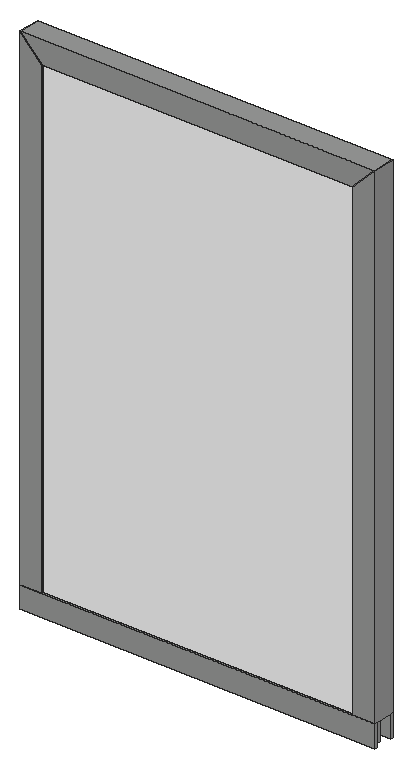
Revit family "Palmshield-Espalier-Single-Panel-Trellis-Panel", category Specialty Equipment, Revit 2025
Family settings
  Round Connector Dimension = Use Diameter
  Part Type = Normal
  OmniClass Number = 23.55.00.00
  OmniClass Title = Manufactured Structures
  Work Plane-Based = No
  Enable Cutting in Views = No
  Always vertical = No
  Cut with Voids When Loaded = No
  Maintain Annotation Orientation = No
  Shared = No
  Room Calculation Point = No
Parameters (values of type "Assembly")
  Width [instance] = if(Desired Overall Width < C Min Width, C Min Width, if(Desired Overall Width > C Max Width, C Max Width, Desired Overall Width))  # 4' - 0"
  Warranty URL = "https://palmshieldlouvers.com/wp-content/uploads/2020/01/PalmSHIELD-Warranty-NO-SIGN-LINE.pdf"
  Version = "2020 - v1.0a"  # constant formula
  URL = "https://palmshieldlouvers.com/"
  Product Page URL = "https://palmshieldlouvers.com/products/trellis-louvers/"
  Product Documentation Link = "https://palmshieldlouvers.com/wp-content/uploads/2022/03/PalmSHIELD-ESPALIER-trellis-panel-system-specifications-1.doc"
  Offset From Surface = 0' - 2"  # constant formula
  Model = "Espalier Trellis System - Single"  # constant formula
  Material = Metal - PalmSHIELD - Dusty Grey
  Manufacturer Phone Number = "531-329-4406 "  # constant formula
  Manufacturer Email = "mailto: info@palmshieldlouvers.com"
  Manufacturer Address = "12330 Cary Circle, La Vista, NE 68128"  # constant formula
  Manufacturer = "PalmSHIELD"  # constant formula
  Louver Finish = Metal - PalmSHIELD - Grey Beige
  Keynote = "05 10 00"
  Instruction Sheet Link = "https://palmshieldlouvers.com/wp-content/uploads/2020/01/PalmSHIELD-Post-Panel-Gate-Installation-Instructions-REV-1.pdf"
  ID [instance] = "Not Assigned"
  Height [instance] = if(Desired Overall Height < C Min Height, C Min Height, if(Desired Overall Height > C Max Height, C Max Height, Desired Overall Height))  # 6' - 0"
  Desired Overall Width [instance] = 4' - 0"
  Desired Overall Height [instance] = 6' - 0"
  Desired Bottom Angle [instance] = 0.00°
  Description = "Espalier Trellis System - Single - Panel Assembly"  # constant formula
  Default Elevation = 0' - 0"
  Copyright = "Copyright ©2024 The American Fence Company and PalmSHIELD. All Rights Reserved."  # constant formula
  Component Vis [instance] = yes
  Component Name [instance] = "Espalier Trellis System - Single - Panel Assembly"  # constant formula
  C Min Width [instance] = 4' - 0"  # constant formula
  C Min Height [instance] = C Min Width  # 4' - 0"
  C Max Width [instance] = 5' - 0"  # constant formula
  C Max Height [instance] = 10' - 0"  # constant formula
  C Angle [instance] = if(Desired Bottom Angle > 10.00°, 10.00°, if(Desired Bottom Angle < -10.00°, -10.00°, Desired Bottom Angle))  # 0.00°
  Assembly Code = "F1020100"
Reference planes (in)
  plane 1 "Center (Front/Back)": y = 0
  plane 2: z = 0
  plane 3 "Center (Left/Right)": x = 0
  plane 4: z = 72
  plane 5: x = 48
  plane 6: y = 3
  plane 7: y = 1.5
Lines and regions (in)
  reference lines
    curve 1: line (48, 0, 96.95698) -> (48, 0, -11)
    curve 2: line (-20.8931, 0, 72) -> (71.1069, 0, 72)
Dimensions and locks (in)
  "Desired Overall Height": curve 2 to level
  "Desired Overall Width": curve 1 to plane 3 "Center (Left/Right)"
  "Height": plane 4 to level
  "Width": plane 5 to plane 3 "Center (Left/Right)"
  equal spacing: plane 1 "Center (Front/Back)", plane 7, plane 6
  aligned and locked: plane 2 to level
Automatic sketch dimensions
  curve 2 to plane 3 "Center (Left/Right)" = 1' - 8.8931"
  plane 5 to curve 2 = 1' - 11.1069"
  curve 1 to level = 0' - 11"
  plane 4 to curve 1 = 2' - 0.95698"
Nested families (in)
  nested 1: "Screening-Louver-Assembly-Panel-Palmshield-Espalier_Trellis_System-Single" at (0, 0, 0), Desired Overall Height <- "Desired Overall Height", Desired Overall Width <- "Desired Overall Width", ID <- "ID", Height <- "Height", Width <- "Width", Component Vis <- "Component Vis", type "Assembly"
    with Width 4' - 0", Louver Length 3' - 8", ID "Not Assigned", Height 6' - 0", Desired Overall Width 4' - 0", Desired Overall Height 6' - 0", Desired Bottom Angle 0.00°, Component Vis yes, Component Name "Espalier Trellis System - Panel Assembly", C Top Post Length 4' - 0", C Straight Corner Angle 45.00°, C Slope Angle 0.00°, C Side Frame Width 0' - 3", C Side Adjustment 0' - 0", C Right Side Angle 0.00°, C Rib Thickness Bottom Offset 0' - 0 1/4", C Rib Bottom Side Offset 0' - 0", C Louver Offset 0' - 3", C Louver Count 28, C Left Side Angle 0.00°, C Hip 4' - 0", C Frame Offset 0' - 2", C Corner Offset 0' - 3", C B-Side Post Length 6' - 0", C B-Side Angle 45.00°, C Angle 90.00°, C A-Side Post Length 6' - 0", C A-Side Angle 45.00°
  nested 2: "Nested-L_Frame-Palmshield-Espalier_Trellis_System-Single" at (0, 0, 72) x (0, 1, 0) z (1, 0, 0), type "AL L3" X 3" X 1/4""
    with Material Metal - PalmSHIELD - Dusty Grey, Length 5' - 7", ID "Not Assigned", Component Name "Espalier Trellis System - Aluminum - L Frame", B-Side Cut Angle 45.00°, A-Side Cut Angle 0.00°
  nested 3: "Nested-L_Frame-Palmshield-Espalier_Trellis_System-Single" at (48, 0, 5) x (0, 1, 0) z (-1, 0, 0), type "AL L3" X 3" X 1/4""
    with Material Metal - PalmSHIELD - Dusty Grey, Length 5' - 7", ID "Not Assigned", Component Name "Espalier Trellis System - Aluminum - L Frame", B-Side Cut Angle 0.00°, A-Side Cut Angle 45.00°
  nested 4: "Nested-L_Frame-Palmshield-Espalier_Trellis_System-Single" at (48, 0, 72) x (0, 1, 0) z (0, 0, -1), type "AL L3" X 3" X 1/4""
    with Material Metal - PalmSHIELD - Dusty Grey, Length 4' - 0", ID "Not Assigned", Component Name "Espalier Trellis System - Aluminum - L Frame", B-Side Cut Angle 45.00°, A-Side Cut Angle 45.00°
  nested 5: "Nested-Box_Frame-Palmshield-Espalier_Trellis_System-Single" at (0, 0, 2) x (0, 1, 0) z (0, 0, 1), type "AL 1/4" X 3" FB"
    with Slope Angle 0.00°, Material Metal - PalmSHIELD - Dusty Grey, Length 4' - 0", ID "Not Assigned", Component Name "Espalier Trellis System - Aluminum - Box Frame", B-Side Cut Angle 0.00°, A-Side Cut Angle 0.00°
Definition of nested family "Screening-Louver-Assembly-Panel-Palmshield-Espalier_Trellis_System-Single"
  Parameters (values of type "Assembly")
    Width [instance] = if(Desired Overall Width < 4' 0", 4' 0", if(Desired Overall Width > 5' 0", 5' 0", Desired Overall Width))  # 4' - 0"
    Warranty URL = "https://palmshieldlouvers.com/wp-content/uploads/2020/01/PalmSHIELD-Warranty-NO-SIGN-LINE.pdf"
    Version = "2020 - v1.0a"  # constant formula
    URL = "https://palmshieldlouvers.com/"
    Panel Surface Finish = none
    Offset From Surface = 0' - 2"  # constant formula
    Material Note = "For More Panel Finish Options, Please Contact the Manufacturer"  # constant formula
    Material = none
    Louver Separation = 0' - 2 3/8"  # constant formula
    Product Page URL = "https://palmshieldlouvers.com/products/augustus-solid/"
    Product Documentation Link = "https://palmshieldlouvers.com/wp-content/uploads/2020/05/PalmSHIELD-Solid-Composite-Technical-Data-Sheet.pdf"
    Model = "Espalier Trellis System - Single"  # constant formula
    Manufacturer Phone Number = "531-329-4406 "  # constant formula
    Manufacturer Fax Number = "Consult Manufacturer Website for More Information"  # constant formula
    Manufacturer Email = "mailto: info@palmshieldlouvers.com"
    Manufacturer Address = "12330 Cary Circle, La Vista, NE 68128"  # constant formula
    Manufacturer = "PalmSHIELD"  # constant formula
    Louver Length [instance] = Width - 2 * C Side Frame Width + 0' 2"  # 3' - 8"
    Keynote = "05 10 00"
    Instruction Sheet Link = "https://palmshieldlouvers.com/wp-content/uploads/2020/01/PalmSHIELD-Post-Panel-Gate-Installation-Instructions-REV-1.pdf"
    ID [instance] = "Not Assigned"
    Height [instance] = if(Desired Overall Height < 3' 0", 3' 0", if(Desired Overall Height > 10' 0", 10' 0", Desired Overall Height))  # 6' - 7 3/16"
    Frame Width = 0' - 3"  # constant formula
    Frame Thickness = 0' - 0 1/4"  # constant formula
    Desired Overall Width [instance] = 4' - 0"
    Desired Overall Height [instance] = 6' - 7 3/16"
    Description = "Espalier Trellis System - Panel Assembly"  # constant formula
    Default Elevation = 0' - 0"
    Copyright = "Copyright ©2024 The American Fence Company and PalmSHIELD. All Rights Reserved."  # constant formula
    Component Vis [instance] = yes
    Component Name [instance] = "Espalier Trellis System - Panel Assembly"  # constant formula
    C Top Post Length [instance] = Width  # 4' - 0"
    C Straight Corner Angle [instance] = 45.00°  # constant formula
    C Slope Angle [instance] = if(Desired Bottom Angle < -25.00°, 25.00°, if(Desired Bottom Angle > 25.00°, 25.00°, Desired Bottom Angle))  # 0.00°
    C Side Frame Width [instance] = 0' - 3"  # constant formula
    C Right Side Angle [instance] = -C Slope Angle  # 0.00°
    C Rib Thickness Bottom Offset [instance] = Frame Thickness * cos(C Slope Angle)  # 0' - 0 1/4"
    C Rib Bottom Side Offset [instance] = if(C Slope Angle < 0.00°, -Frame Thickness * sin(C Slope Angle), Frame Thickness * sin(C Slope Angle))  # 0' - 0"
    C Louver Overlap = 0' - 0 5/8"  # constant formula
    C Louver Offset [instance] = if(C Side Adjustment < 0' 0", -C Side Adjustment + (Frame Width / sin([C A-Side Angle])) * cos([C A-Side Angle]), Frame Width)  # 0' - 3"
    C Louver Count [instance] = if(C Slope Angle < 0.00°, (Height - 2 * Frame Width + C Louver Overlap * 2) / Louver Separation, (Height - 2 * Frame Width + C Louver Overlap * 2 - C Hip * sin(C Slope Angle)) / Louver Separation)  # 31
    C Left Side Angle [instance] = C Slope Angle  # 0.00°
    C Hip [instance] = Width / cos(C Slope Angle)  # 4' - 0"
    C Side Adjustment [instance] = -C Hip * sin(C Slope Angle)  # 0' - 0"
    C Frame Offset [instance] = C Side Frame Width - 0' 1"  # 0' - 2"
    C Corner Offset [instance] = if(C Slope Angle > 0.00°, Frame Width / sin([C A-Side Angle]) * cos([C A-Side Angle]), if(C Slope Angle < 0.00°, Frame Width / sin([C A-Side Angle]) * cos([C A-Side Angle]), 0' 3"))  # 0' - 3"
    C B-Side Post Length [instance] = Height + C Side Adjustment  # 6' - 7 3/16"
    C B-Side Angle [instance] = (90.00° - C Slope Angle) / 2  # 45.00°
    C Angle [instance] = if(C Slope Angle < -25.00°, 90.00° - 25.00°, if(C Slope Angle > 25.00°, 90.00° + 25.00°, 90.00° - C Slope Angle))  # 90.00°
    Desired Bottom Angle [instance] = 0.00°
    C A-Side Post Length [instance] = Height  # 6' - 7 3/16"
    C A-Side Angle [instance] = (90.00° + C Slope Angle) / 2  # 45.00°
    Assembly Code = "F1020100"
  Reference planes (in)
    plane 1 "Center (Front/Back)": y = 0
    plane 2: z = 0
    plane 3 "Side A": x = 0
    plane 4 "Top": z = 79.1875
    plane 5 "Side B": x = 48
    plane 6: z = 2
    plane 7: x = 0.25
    plane 8: x = 47.75
    plane 9: z = 76.1875
    plane 10: z = 76.8125
    plane 11: y = 0.25
    plane 12: x = 16
    plane 13: x = 32
    plane 14: y = 1.125
    plane 15: z = 78.9375
    plane 16: z = 2
    plane 17: z = 2.25
    plane 18: x = 0
    plane 19: x = 14
    plane 20: x = 30
    plane 21: x = 2
    plane 22 "Front": y = 3
    plane 23: y = 1.5
    plane 24: x = 24
  Forms (in)
    Extrusion 1, solid
      sketch origin (0, 0, 0) x (1, 0, 0) y (0, 1, 0)
        loop
          line (-48, 48) -> (-48, -48) -> (48, -48) -> (48, 48) -> (-48, 48)
      from 0 to -12
  Lines and regions (in)
    reference lines
      curve 1: line (0, 0, 2) -> (84, 0, 2)
      curve 2: line (0, 0, 2.25) -> (81.25, 0, 2.25)
      curve 3: line (14, 0, 2.25) -> (24.75, 0, 2.25)
      curve 4: line (30, 0, 2.25) -> (48, 0, 2.25)
      curve 5: line (-32.05276, 0, 79.1875) -> (83.18293, 0, 79.1875)
      curve 6: line (48, 0, 102.88269) -> (48, 0, -5.94163)
      curve 7: line (0, 0, 5) -> (48, 0, 5)
      curve 8: line (0, 0, 5) -> (5.25, 0, 5)
      curve 9: line (48, 0, 5) -> (42.5, 0, 5)
  Dimensions and locks (in)
    "Width": plane 5 "Side B" to plane 3 "Side A"
    "Offset From Surface": plane 6 to Extrusion 1
    "Frame Thickness": plane 7 to plane 3 "Side A"
    "Frame Thickness": plane 5 "Side B" to plane 8
    "Frame Width": plane 4 "Top" to plane 9
    "C Louver Overlap": plane 10 to plane 9
    "Frame Thickness": plane 11 to plane 1 "Center (Front/Back)"
    equal spacing: plane 3 "Side A", plane 12, plane 13, plane 5 "Side B"
    "Frame Thickness": plane 4 "Top" to plane 15
    "C Rib Thickness Bottom Offset": plane 17 to plane 6
    "C Rib Bottom Side Offset": plane 3 "Side A" to plane 18
    locked: plane 12 to plane 19 at 2
    locked: plane 13 to plane 20 at 2
    "Desired Overall Width": curve 6 to plane 3 "Side A"
    "C Frame Offset": plane 21 to plane 3 "Side A"
    "Frame Width": plane 1 "Center (Front/Back)" to plane 22 "Front"
    equal spacing: plane 1 "Center (Front/Back)", plane 23, plane 22 "Front"
    equal spacing: plane 5 "Side B", plane 24, plane 3 "Side A"
    "C Side Frame Width": curve 1 to curve 7
    locked: curve 8 to plane 3 "Side A" at 5.25
    locked: plane 5 "Side B" to curve 9 at 5.5
    "Desired Overall Height": curve 5 to plane 2
    "Height": plane 4 "Top" to plane 2
    "C Angle": angle curve 1 to plane 3 "Side A"
    "C Angle": angle curve 2 to plane 18
    locked: curve 3 to plane 19 (angle 90.00°)
    locked: curve 4 to plane 20 (angle 90.00°)
    locked: curve 8 to plane 3 "Side A" (angle 90.00°)
    locked: plane 5 "Side B" to curve 9 (angle 90.00°)
    aligned and locked: plane 2 to Extrusion 1
    aligned and locked: level to Extrusion 1
    aligned and locked: plane 6 to curve 1
    aligned and locked: plane 3 "Side A" to curve 1
    aligned and locked: nested 1 to plane 1 "Center (Front/Back)"
    aligned and locked: nested 1 to plane 5 "Side B"
    aligned and locked: nested 1 to plane 3 "Side A"
    aligned and locked: nested 2 to plane 4 "Top"
    aligned and locked: nested 2 to plane 1 "Center (Front/Back)"
    aligned and locked: nested 3 to plane 1 "Center (Front/Back)"
    aligned and locked: nested 4 to plane 1 "Center (Front/Back)"
    aligned and locked: plane 18 to curve 2
    aligned and locked: plane 17 to curve 2
    aligned and locked: plane 19 to curve 3
    aligned and locked: plane 20 to curve 4
    aligned and locked: nested 5 to plane 7
    aligned and locked: plane 14 to nested 5
    aligned and locked: plane 4 "Top" to nested 3
    aligned and locked: plane 3 "Side A" to curve 7
    aligned and locked: plane 5 "Side B" to curve 7
    aligned and locked: plane 3 "Side A" to curve 8
    aligned and locked: plane 5 "Side B" to curve 9
    aligned and locked: curve 7 to curve 7
    aligned and locked: curve 7 to curve 9
    aligned and locked: nested 2 to curve 8
    aligned and locked: nested 3 to curve 9
  Automatic sketch dimensions
    Extrusion 1 sketch curve to Extrusion 1 sketch curve = 8' - 0"  (x2)
    curve 8 to curve 7 = 0' - 0"
    curve 5 to plane 3 "Side A" = 2' - 8.05276"
    plane 5 "Side B" to curve 5 = 2' - 11.18293"
    curve 6 to level = 0' - 5.94163"
    plane 4 "Top" to curve 6 = 1' - 11.69519"
  Nested families (in)
    nested 1: "Nested-L_Frame-Palmshield-Espalier_Trellis_System-Single" at (48, 0, 79.1875) x (0, 1, 0) z (0, 0, -1), ID <- "ID", Material <- "Material", A-Side Cut Angle <- "C Straight Corner Angle", B-Side Cut Angle <- "C Straight Corner Angle", visible <- "Component Vis", type "AL L3" X 3" X 1/4""
      with Material none, Length 4' - 0", ID "Not Assigned", Component Name "Espalier Trellis System - Aluminum - L Frame", B-Side Cut Angle 45.00°, A-Side Cut Angle 45.00°
    nested 2: "Nested-L_Frame-Palmshield-Espalier_Trellis_System-Single" at (0, 0, 79.1875) x (0, 1, 0) z (1, 0, 0), ID <- "ID", Material <- "Material", B-Side Cut Angle <- "C Straight Corner Angle", A-Side Cut Angle <- "C Left Side Angle", visible <- "Component Vis", type "AL L3" X 3" X 1/4""
      with Material none, Length 6' - 2 3/16", ID "Not Assigned", Component Name "Espalier Trellis System - Aluminum - L Frame", B-Side Cut Angle 45.00°, A-Side Cut Angle 0.00°
    nested 3: "Nested-L_Frame-Palmshield-Espalier_Trellis_System-Single" at (48, 0, 5) x (0, 1, 0) z (-1, 0, 0), ID <- "ID", Material <- "Material", B-Side Cut Angle <- "C Right Side Angle", A-Side Cut Angle <- "C Straight Corner Angle", visible <- "Component Vis", type "AL L3" X 3" X 1/4""
      with Material none, Length 6' - 2 3/16", ID "Not Assigned", Component Name "Espalier Trellis System - Aluminum - L Frame", B-Side Cut Angle 0.00°, A-Side Cut Angle 45.00°
    nested 4: "Nested-Box_Frame-Palmshield-Espalier_Trellis_System-Single" at (0, 0, 2) x (0, 1, 0) z (0, 0, 1), Length <- "C Hip", ID <- "ID", Material <- "Material", Slope Angle <- "C Slope Angle", visible <- "Component Vis", type "AL 1/4" X 3" FB"
      with Slope Angle 0.00°, Material none, Length 4' - 0", ID "Not Assigned", Component Name "Espalier Trellis System - Aluminum - Box Frame", B-Side Cut Angle 0.00°, A-Side Cut Angle 0.00°
    nested 5: "(Do_Not_Use-Nested)-Aluminum_Sheet-Palmshield-Espalier_Trellis_System-Single" at (0.25, 1.125, 2.25), Material <- "Material", Surface Finish <- "Panel Surface Finish", C Angle <- "C Angle", C Frame Thickness <- "Frame Thickness", C Overall Panel Height <- "Height", C Overall Panel Width <- "Width", type "Perforated Sheet"
      with Width 3' - 11 1/2", Surface Finish none, Material none, ID "", Height 6' - 4 11/16", Component Name "Square Wire Mesh - Perforated Sheet", C Overall Panel Width 4' - 0", C Overall Panel Height 6' - 7 3/16", C Frame Thickness 0' - 0 1/4", C Angle 90.00°
  Definition of nested family "Nested-L_Frame-Palmshield-Espalier_Trellis_System-Single"
    Parameters (values of type "AL L3" X 3" X 1/4"")
      Width = 0' - 3"  # constant formula
      Warranty URL = "https://palmshieldlouvers.com/wp-content/uploads/2020/01/PalmSHIELD-Warranty-NO-SIGN-LINE.pdf"
      Version = "2020 - v1.0a"  # constant formula
      URL = "https://palmshieldlouvers.com/"
      Thickness = 0' - 0 1/4"  # constant formula
      Product Page URL = "https://palmshieldlouvers.com/products/trellis-louvers/"
      Product Documentation Link = "Contact Manufacturer for More Information"
      Model = "Espalier Trellis System - Single"  # constant formula
      Material [instance] = none
      Manufacturer Phone Number = "531-329-4406 "  # constant formula
      Manufacturer Fax Number = "Consult Manufacturer Website for More Information"  # constant formula
      Manufacturer Email = "mailto: info@palmshieldlouvers.com"
      Manufacturer Address = "12330 Cary Circle, La Vista, NE 68128"  # constant formula
      Manufacturer = "PalmSHIELD"  # constant formula
      Length [instance] = 4' - 4.86713"
      Keynote = "05 10 00"
      Instruction Sheet Link = "https://palmshieldlouvers.com/wp-content/uploads/2020/01/PalmSHIELD-Post-Panel-Gate-Installation-Instructions-REV-1.pdf"
      ID [instance] = ""
      Description = "Espalier Trellis System - L Frame"  # constant formula
      Default Elevation = 4' - 0"
      Copyright = "Copyright ©2024 The American Fence Company and PalmSHIELD. All Rights Reserved."  # constant formula
      Component Name [instance] = "Espalier Trellis System - Aluminum - L Frame"  # constant formula
      C Hole Offset = 0' - 1 1/2"  # constant formula
      B-Side Cut Angle [instance] = 45.00°
      Assembly Code = "F1020100"
      A-Side Cut Angle [instance] = 45.00°
    Reference planes (in)
      plane 1 "Center (Front/Back)": y = 0
      plane 2: z = 0
      plane 3 "Center (Left/Right)": x = 0
      plane 4: x = 3
      plane 5: y = -52.86713
      plane 6: z = 3
      plane 7: y = 3.00184
      plane 8: y = -55.86897
    Forms (in)
      Extrusion 1, solid
        sketch origin (0, 0, 0) x (1, 0, 0) y (0, 1, 0)
          loop
            line (-48, 48) -> (-48, -48) -> (48, -48) -> (48, 48) -> (-48, 48)
        from 0 to -12
      Sweep 2, solid, material <- "Material"
        path origin (0, 0, 0) x (0, 1, 0) y (0, 0, 1)
          loop
            line (3.00184, 0) -> (-55.86897, 0)
        profile "Profile-Palmshield-L : AL L3" X 3" X 1/4" - 6061-T6" origin (0, -26.43357, 0) x (0, 0, -1) y (1, 0, 0)
          loop
            line (-0.3125, 0.25) -> (-2.875, 0.25)
            arc (-2.875, 0.25) -> (-2.96339, 0.21339) -> (-3, 0.125) r 0.125
            line (-3, 0.125) -> (-3, 0) -> (0, 0) -> (0, 3) -> (-0.125, 3)
            arc (-0.125, 3) -> (-0.21339, 2.96339) -> (-0.25, 2.875) r 0.125
            line (-0.25, 2.875) -> (-0.25, 0.3125)
            arc (-0.25, 0.3125) -> (-0.26831, 0.26831) -> (-0.3125, 0.25) r 0.0625
      Extrusion 3, void
        sketch origin (0, 0, 0) x (0, 1, 0) y (0, 0, 1)
          loop
            line (-3, 3) -> (0, 0) -> (4.7449, 0) -> (4.7449, 3) -> (-3, 3)
          loop
            line (-57.61203, 3) -> (-57.61203, 0) -> (-52.86713, 0) -> (-49.86713, 3) -> (-57.61203, 3)
        from 0 to 3
    Cuts and joins
      Extrusion 3 cuts Sweep 2
    Dimensions and locks (in)
      "Width": plane 3 "Center (Left/Right)" to plane 4
      "Length": plane 1 "Center (Front/Back)" to plane 5
      "Width": plane 6 to plane 2
      locked: Extrusion 3 sketch curve to plane 1 "Center (Front/Back)" at 4.7449
      locked: plane 5 to Extrusion 3 sketch curve at 4.7449
      locked: plane 7 to plane 1 "Center (Front/Back)" at 3.00184
      locked: plane 5 to plane 8 at 3.00184
      "B-Side Cut Angle": angle Extrusion 3 sketch curve to plane 1 "Center (Front/Back)"
      "A-Side Cut Angle": angle plane 5 to Extrusion 3 sketch curve
      aligned and locked: plane 2 to Extrusion 1
      aligned and locked: level to Extrusion 1
      aligned and locked: Extrusion 3 sketch curve to plane 6
      aligned and locked: level to Extrusion 3 sketch curve
      aligned and locked: plane 6 to Extrusion 3 sketch curve
      aligned and locked: Extrusion 3 sketch curve to plane 2
      aligned and locked: plane 1 "Center (Front/Back)" to Extrusion 3 sketch curve
      aligned and locked: plane 2 to Extrusion 3 sketch curve
      aligned and locked: plane 5 to Extrusion 3 sketch curve
      aligned and locked: Extrusion 3 to plane 3 "Center (Left/Right)"
      aligned and locked: Extrusion 3 to plane 4
      aligned and locked: plane 7 to Sweep 2 sketch curve
      aligned and locked: plane 8 to Sweep 2 sketch curve
    Automatic sketch dimensions
      Extrusion 1 sketch curve to Extrusion 1 sketch curve = 8' - 0"  (x2)
      Sweep 2 sketch curve to level = 0' - 0"
  Definition of nested family "Nested-Box_Frame-Palmshield-Espalier_Trellis_System-Single"
    Parameters (values of type "AL 1/4" X 3" FB")
      Width = 0' - 3"  # constant formula
      Warranty URL = "https://palmshieldlouvers.com/wp-content/uploads/2020/01/PalmSHIELD-Warranty-NO-SIGN-LINE.pdf"
      Version = "2020 - v1.0a"  # constant formula
      URL = "https://palmshieldlouvers.com/"
      Thickness = 0' - 0 1/4"  # constant formula
      Slope Angle [instance] = -5.00°
      Product Page URL = "https://palmshieldlouvers.com/products/square-wire-mesh/"
      Product Documentation Link = "https://palmshieldlouvers.com/wp-content/uploads/2020/04/PalmSHIELD-Wire-Mesh-Technical-Data-Sheet.pdf"
      Model = "Espalier Trellis System - Single"  # constant formula
      Material [instance] = none
      Manufacturer Phone Number = "531-329-4406 "  # constant formula
      Manufacturer Fax Number = "Consult Manufacturer Website for More Information"  # constant formula
      Manufacturer Email = "mailto: info@palmshieldlouvers.com"
      Manufacturer Address = "12330 Cary Circle, La Vista, NE 68128"  # constant formula
      Manufacturer = "PalmSHIELD"  # constant formula
      Length [instance] = 4' - 4.86713"
      Keynote = "05 10 00"
      Instruction Sheet Link = "https://palmshieldlouvers.com/wp-content/uploads/2020/01/PalmSHIELD-Post-Panel-Gate-Installation-Instructions-REV-1.pdf"
      ID [instance] = ""
      Description = "Espalier Trellis System - Box Frame"  # constant formula
      Default Elevation = 4' - 0"
      Copyright = "Copyright ©2024 The American Fence Company and PalmSHIELD. All Rights Reserved."  # constant formula
      Component Name [instance] = "Espalier Trellis System - Aluminum - Box Frame"  # constant formula
      C Hole Offset = 0' - 1 1/2"  # constant formula
      B-Side Cut Angle [instance] = Slope Angle  # -5.00°
      Assembly Code = "F1020100"
      A-Side Cut Angle [instance] = -Slope Angle  # 5.00°
    Reference planes (in)
      plane 1 "Center (Front/Back)": y = 0
      plane 2: z = 0
      plane 3 "Center (Left/Right)": x = 0
      plane 4: x = 3
      plane 5: y = -52.86713
      plane 6: z = 3
      plane 7: y = 3.00184
      plane 8: y = -55.86897
    Forms (in)
      Extrusion 1, solid
        sketch origin (0, 0, 0) x (1, 0, 0) y (0, 1, 0)
          loop
            line (-48, 48) -> (-48, -48) -> (48, -48) -> (48, 48) -> (-48, 48)
        from 0 to -12
      Sweep 2, solid, material <- "Material"
        path origin (0, 0, 0) x (0, 1, 0) y (0, 0, 1)
          loop
            line (3.00184, 0) -> (-55.86897, 0)
        profile "Profile-Palmshield-Box : AL 1/4" X 3" FB" origin (0, -26.43357, 0) x (0, 0, -1) y (1, 0, 0)
          loop
            line (0, 2.75) -> (0, 3) -> (-3, 3) -> (-3, 2.875)
            arc (-3, 2.875) -> (-2.96339, 2.78661) -> (-2.875, 2.75) r 0.125
            line (-2.875, 2.75) -> (0, 2.75)
          loop
            line (0, 0.25) -> (-2.875, 0.25)
            arc (-2.875, 0.25) -> (-2.96339, 0.21339) -> (-3, 0.125) r 0.125
            line (-3, 0.125) -> (-3, 0) -> (0, 0) -> (0, 0.25)
      Extrusion 3, void
        sketch origin (0, 0, 0) x (0, 1, 0) y (0, 0, 1)
          loop
            line (0.26247, 3) -> (0, 0) -> (4.7449, 0) -> (4.7449, 3) -> (0.26247, 3)
          loop
            line (-57.61203, 3) -> (-57.61203, 0) -> (-52.86713, 0) -> (-52.60466, 3) -> (-57.61203, 3)
        from 0 to 3
    Cuts and joins
      Extrusion 3 cuts Sweep 2
    Dimensions and locks (in)
      "Width": plane 3 "Center (Left/Right)" to plane 4
      "Length": plane 1 "Center (Front/Back)" to plane 5
      "Width": plane 6 to plane 2
      locked: Extrusion 3 sketch curve to plane 1 "Center (Front/Back)" at 4.7449
      locked: plane 5 to Extrusion 3 sketch curve at 4.7449
      locked: plane 7 to plane 1 "Center (Front/Back)" at 3.00184
      locked: plane 5 to plane 8 at 3.00184
      "B-Side Cut Angle": angle Extrusion 3 sketch curve to plane 1 "Center (Front/Back)"
      "A-Side Cut Angle": angle plane 5 to Extrusion 3 sketch curve
      aligned and locked: plane 2 to Extrusion 1
      aligned and locked: level to Extrusion 1
      aligned and locked: Extrusion 3 sketch curve to plane 6
      aligned and locked: level to Extrusion 3 sketch curve
      aligned and locked: plane 6 to Extrusion 3 sketch curve
      aligned and locked: Extrusion 3 sketch curve to plane 2
      aligned and locked: plane 1 "Center (Front/Back)" to Extrusion 3 sketch curve
      aligned and locked: plane 2 to Extrusion 3 sketch curve
      aligned and locked: plane 5 to Extrusion 3 sketch curve
      aligned and locked: Extrusion 3 to plane 3 "Center (Left/Right)"
      aligned and locked: Extrusion 3 to plane 4
      aligned and locked: plane 7 to Sweep 2 sketch curve
      aligned and locked: plane 8 to Sweep 2 sketch curve
    Automatic sketch dimensions
      Extrusion 1 sketch curve to Extrusion 1 sketch curve = 8' - 0"  (x2)
      Sweep 2 sketch curve to level = 0' - 0"
  Definition of nested family "(Do_Not_Use-Nested)-Aluminum_Sheet-Palmshield-Espalier_Trellis_System-Single"
    Parameters (values of type "Perforated Sheet")
      Width [instance] = C Overall Panel Width - 2 * C Frame Thickness  # 5' - 10.36614"
      Warranty URL = "https://palmshieldlouvers.com/wp-content/uploads/2020/01/PalmSHIELD-Warranty-NO-SIGN-LINE.pdf"
      Version = "2020 - v1.0a"  # constant formula
      URL = "https://palmshieldlouvers.com/"
      Thickness = 0' - 0 1/4"  # constant formula
      Surface Finish [instance] = none
      Product Page URL = "https://palmshieldlouvers.com/products/square-wire-mesh/"
      Product Documentation Link = "https://palmshieldlouvers.com/wp-content/uploads/2020/04/PalmSHIELD-Wire-Mesh-Technical-Data-Sheet.pdf"
      Model = "Square Wire Mesh - Dante"  # constant formula
      Material [instance] = none
      Manufacturer Phone Number = "531-329-4406 "  # constant formula
      Manufacturer Fax Number = "Consult Manufacturer Website for More Information"  # constant formula
      Manufacturer Email = "mailto: info@palmshieldlouvers.com"
      Manufacturer Address = "12330 Cary Circle, La Vista, NE 68128"  # constant formula
      Manufacturer = "PalmSHIELD"  # constant formula
      Keynote = "05 10 00"
      Instruction Sheet Link = "https://palmshieldlouvers.com/wp-content/uploads/2020/01/PalmSHIELD-Post-Panel-Gate-Installation-Instructions-REV-1.pdf"
      ID [instance] = ""
      Height [instance] = C Overall Panel Height - 2 * C Frame Thickness - 0' 2"  # 7' - 11.9252"
      Description = "Square Wire Mesh - Perforated Sheet"  # constant formula
      Default Elevation = 4' - 0"
      Copyright = "Copyright ©2024 The American Fence Company and PalmSHIELD. All Rights Reserved."  # constant formula
      Component Name [instance] = "Square Wire Mesh - Perforated Sheet"  # constant formula
      C Overall Panel Width [instance] = 5' - 10.86614"
      C Overall Panel Height [instance] = 8' - 2.4252"
      C Frame Thickness [instance] = 0' - 0 1/4"
      C Angle [instance] = 90.00°
      Assembly Code = "F1020100"
    Reference planes (in)
      plane 1 "Center (Front/Back)": y = 0
      plane 2: z = 0
      plane 3 "Center (Left/Right)": x = 0
      plane 4: y = -0.25
    Forms (in)
      Extrusion 1, solid
        sketch origin (0, 0, 0) x (1, 0, 0) y (0, 1, 0)
          loop
            line (-48, 48) -> (-48, -48) -> (48, -48) -> (48, 48) -> (-48, 48)
        from 0 to -12
      Extrusion 2, solid, material <- "Material"
        sketch origin (0, 0, 0) x (1, 0, 0) y (0, 0, 1)
          loop
            line (0, 95.9252) -> (0, 0) -> (70.36614, 0) -> (70.36614, 95.9252) -> (0, 95.9252)
        from 0 to 0.25
    Lines and regions (in)
      reference lines
        curve 1: line (0, 0, 0) -> (88, 0, 0)
        curve 2: line (-16.33605, 0, 95.9252) -> (99.74392, 0, 95.9252)
        curve 3: line (70.36614, 0, 127.09401) -> (70.36614, 0, -21.10383)
    Dimensions and locks (in)
      "Thickness": plane 4 to plane 1 "Center (Front/Back)"
      "Width": curve 3 to plane 3 "Center (Left/Right)"
      "Height": curve 2 to plane 2
      "C Angle": angle curve 1 to plane 3 "Center (Left/Right)"
      aligned and locked: plane 2 to Extrusion 1
      aligned and locked: level to Extrusion 1
      aligned and locked: plane 3 "Center (Left/Right)" to curve 1
      aligned and locked: plane 2 to curve 1
      aligned and locked: Extrusion 2 sketch curve to plane 3 "Center (Left/Right)"
      aligned and locked: Extrusion 2 to plane 4
      aligned and locked: Extrusion 2 to plane 1 "Center (Front/Back)"
      aligned and locked: curve 2 to Extrusion 2 sketch curve
      aligned and locked: curve 3 to Extrusion 2 sketch curve
      aligned and locked: Extrusion 2 sketch curve to curve 1
    Automatic sketch dimensions
      Extrusion 1 sketch curve to Extrusion 1 sketch curve = 8' - 0"  (x2)
      curve 2 to plane 3 "Center (Left/Right)" = 1' - 4.33605"
      curve 3 to curve 2 = 2' - 5.37778"
      curve 3 to level = 1' - 9.10383"
      curve 2 to curve 3 = 2' - 7.16882"
Definition of nested family "Nested-L_Frame-Palmshield-Espalier_Trellis_System-Single"
  Parameters (values of type "AL L3" X 3" X 1/4"")
    Width = 0' - 3"  # constant formula
    Warranty URL = "https://palmshieldlouvers.com/wp-content/uploads/2020/01/PalmSHIELD-Warranty-NO-SIGN-LINE.pdf"
    Version = "2020 - v1.0a"  # constant formula
    URL = "https://palmshieldlouvers.com/"
    Thickness = 0' - 0 1/4"  # constant formula
    Product Page URL = "https://palmshieldlouvers.com/products/trellis-louvers/"
    Product Documentation Link = "Contact Manufacturer for More Information"
    Model = "Espalier Trellis System - Single"  # constant formula
    Material [instance] = none
    Manufacturer Phone Number = "531-329-4406 "  # constant formula
    Manufacturer Fax Number = "Consult Manufacturer Website for More Information"  # constant formula
    Manufacturer Email = "mailto: info@palmshieldlouvers.com"
    Manufacturer Address = "12330 Cary Circle, La Vista, NE 68128"  # constant formula
    Manufacturer = "PalmSHIELD"  # constant formula
    Length [instance] = 4' - 4.86713"
    Keynote = "05 10 00"
    Instruction Sheet Link = "https://palmshieldlouvers.com/wp-content/uploads/2020/01/PalmSHIELD-Post-Panel-Gate-Installation-Instructions-REV-1.pdf"
    ID [instance] = ""
    Description = "Espalier Trellis System - L Frame"  # constant formula
    Default Elevation = 4' - 0"
    Copyright = "Copyright ©2024 The American Fence Company and PalmSHIELD. All Rights Reserved."  # constant formula
    Component Name [instance] = "Espalier Trellis System - Aluminum - L Frame"  # constant formula
    C Hole Offset = 0' - 1 1/2"  # constant formula
    B-Side Cut Angle [instance] = 45.00°
    Assembly Code = "F1020100"
    A-Side Cut Angle [instance] = 45.00°
  Reference planes (in)
    plane 1 "Center (Front/Back)": y = 0
    plane 2: z = 0
    plane 3 "Center (Left/Right)": x = 0
    plane 4: x = 3
    plane 5: y = -52.86713
    plane 6: z = 3
    plane 7: y = 3.00184
    plane 8: y = -55.86897
  Forms (in)
    Extrusion 1, solid
      sketch origin (0, 0, 0) x (1, 0, 0) y (0, 1, 0)
        loop
          line (-48, 48) -> (-48, -48) -> (48, -48) -> (48, 48) -> (-48, 48)
      from 0 to -12
    Sweep 2, solid, material <- "Material"
      path origin (0, 0, 0) x (0, 1, 0) y (0, 0, 1)
        loop
          line (3.00184, 0) -> (-55.86897, 0)
      profile "Profile-Palmshield-L : AL L3" X 3" X 1/4" - 6061-T6" origin (0, -26.43357, 0) x (0, 0, -1) y (1, 0, 0)
        loop
          line (-0.3125, 0.25) -> (-2.875, 0.25)
          arc (-2.875, 0.25) -> (-2.96339, 0.21339) -> (-3, 0.125) r 0.125
          line (-3, 0.125) -> (-3, 0) -> (0, 0) -> (0, 3) -> (-0.125, 3)
          arc (-0.125, 3) -> (-0.21339, 2.96339) -> (-0.25, 2.875) r 0.125
          line (-0.25, 2.875) -> (-0.25, 0.3125)
          arc (-0.25, 0.3125) -> (-0.26831, 0.26831) -> (-0.3125, 0.25) r 0.0625
    Extrusion 3, void
      sketch origin (0, 0, 0) x (0, 1, 0) y (0, 0, 1)
        loop
          line (-3, 3) -> (0, 0) -> (4.7449, 0) -> (4.7449, 3) -> (-3, 3)
        loop
          line (-57.61203, 3) -> (-57.61203, 0) -> (-52.86713, 0) -> (-49.86713, 3) -> (-57.61203, 3)
      from 0 to 3
  Cuts and joins
    Extrusion 3 cuts Sweep 2
  Dimensions and locks (in)
    "Width": plane 3 "Center (Left/Right)" to plane 4
    "Length": plane 1 "Center (Front/Back)" to plane 5
    "Width": plane 6 to plane 2
    locked: Extrusion 3 sketch curve to plane 1 "Center (Front/Back)" at 4.7449
    locked: plane 5 to Extrusion 3 sketch curve at 4.7449
    locked: plane 7 to plane 1 "Center (Front/Back)" at 3.00184
    locked: plane 5 to plane 8 at 3.00184
    "B-Side Cut Angle": angle Extrusion 3 sketch curve to plane 1 "Center (Front/Back)"
    "A-Side Cut Angle": angle plane 5 to Extrusion 3 sketch curve
    aligned and locked: plane 2 to Extrusion 1
    aligned and locked: level to Extrusion 1
    aligned and locked: Extrusion 3 sketch curve to plane 6
    aligned and locked: level to Extrusion 3 sketch curve
    aligned and locked: plane 6 to Extrusion 3 sketch curve
    aligned and locked: Extrusion 3 sketch curve to plane 2
    aligned and locked: plane 1 "Center (Front/Back)" to Extrusion 3 sketch curve
    aligned and locked: plane 2 to Extrusion 3 sketch curve
    aligned and locked: plane 5 to Extrusion 3 sketch curve
    aligned and locked: Extrusion 3 to plane 3 "Center (Left/Right)"
    aligned and locked: Extrusion 3 to plane 4
    aligned and locked: plane 7 to Sweep 2 sketch curve
    aligned and locked: plane 8 to Sweep 2 sketch curve
  Automatic sketch dimensions
    Extrusion 1 sketch curve to Extrusion 1 sketch curve = 8' - 0"  (x2)
    Sweep 2 sketch curve to level = 0' - 0"
Definition of nested family "Nested-Box_Frame-Palmshield-Espalier_Trellis_System-Single"
  Parameters (values of type "AL 1/4" X 3" FB")
    Width = 0' - 3"  # constant formula
    Warranty URL = "https://palmshieldlouvers.com/wp-content/uploads/2020/01/PalmSHIELD-Warranty-NO-SIGN-LINE.pdf"
    Version = "2020 - v1.0a"  # constant formula
    URL = "https://palmshieldlouvers.com/"
    Thickness = 0' - 0 1/4"  # constant formula
    Slope Angle [instance] = -5.00°
    Product Page URL = "https://palmshieldlouvers.com/products/square-wire-mesh/"
    Product Documentation Link = "https://palmshieldlouvers.com/wp-content/uploads/2020/04/PalmSHIELD-Wire-Mesh-Technical-Data-Sheet.pdf"
    Model = "Espalier Trellis System - Single"  # constant formula
    Material [instance] = none
    Manufacturer Phone Number = "531-329-4406 "  # constant formula
    Manufacturer Fax Number = "Consult Manufacturer Website for More Information"  # constant formula
    Manufacturer Email = "mailto: info@palmshieldlouvers.com"
    Manufacturer Address = "12330 Cary Circle, La Vista, NE 68128"  # constant formula
    Manufacturer = "PalmSHIELD"  # constant formula
    Length [instance] = 4' - 4.86713"
    Keynote = "05 10 00"
    Instruction Sheet Link = "https://palmshieldlouvers.com/wp-content/uploads/2020/01/PalmSHIELD-Post-Panel-Gate-Installation-Instructions-REV-1.pdf"
    ID [instance] = ""
    Description = "Espalier Trellis System - Box Frame"  # constant formula
    Default Elevation = 4' - 0"
    Copyright = "Copyright ©2024 The American Fence Company and PalmSHIELD. All Rights Reserved."  # constant formula
    Component Name [instance] = "Espalier Trellis System - Aluminum - Box Frame"  # constant formula
    C Hole Offset = 0' - 1 1/2"  # constant formula
    B-Side Cut Angle [instance] = Slope Angle  # -5.00°
    Assembly Code = "F1020100"
    A-Side Cut Angle [instance] = -Slope Angle  # 5.00°
  Reference planes (in)
    plane 1 "Center (Front/Back)": y = 0
    plane 2: z = 0
    plane 3 "Center (Left/Right)": x = 0
    plane 4: x = 3
    plane 5: y = -52.86713
    plane 6: z = 3
    plane 7: y = 3.00184
    plane 8: y = -55.86897
  Forms (in)
    Extrusion 1, solid
      sketch origin (0, 0, 0) x (1, 0, 0) y (0, 1, 0)
        loop
          line (-48, 48) -> (-48, -48) -> (48, -48) -> (48, 48) -> (-48, 48)
      from 0 to -12
    Sweep 2, solid, material <- "Material"
      path origin (0, 0, 0) x (0, 1, 0) y (0, 0, 1)
        loop
          line (3.00184, 0) -> (-55.86897, 0)
      profile "Profile-Palmshield-Box : AL 1/4" X 3" FB" origin (0, -26.43357, 0) x (0, 0, -1) y (1, 0, 0)
        loop
          line (0, 2.75) -> (0, 3) -> (-3, 3) -> (-3, 2.875)
          arc (-3, 2.875) -> (-2.96339, 2.78661) -> (-2.875, 2.75) r 0.125
          line (-2.875, 2.75) -> (0, 2.75)
        loop
          line (0, 0.25) -> (-2.875, 0.25)
          arc (-2.875, 0.25) -> (-2.96339, 0.21339) -> (-3, 0.125) r 0.125
          line (-3, 0.125) -> (-3, 0) -> (0, 0) -> (0, 0.25)
    Extrusion 3, void
      sketch origin (0, 0, 0) x (0, 1, 0) y (0, 0, 1)
        loop
          line (0.26247, 3) -> (0, 0) -> (4.7449, 0) -> (4.7449, 3) -> (0.26247, 3)
        loop
          line (-57.61203, 3) -> (-57.61203, 0) -> (-52.86713, 0) -> (-52.60466, 3) -> (-57.61203, 3)
      from 0 to 3
  Cuts and joins
    Extrusion 3 cuts Sweep 2
  Dimensions and locks (in)
    "Width": plane 3 "Center (Left/Right)" to plane 4
    "Length": plane 1 "Center (Front/Back)" to plane 5
    "Width": plane 6 to plane 2
    locked: Extrusion 3 sketch curve to plane 1 "Center (Front/Back)" at 4.7449
    locked: plane 5 to Extrusion 3 sketch curve at 4.7449
    locked: plane 7 to plane 1 "Center (Front/Back)" at 3.00184
    locked: plane 5 to plane 8 at 3.00184
    "B-Side Cut Angle": angle Extrusion 3 sketch curve to plane 1 "Center (Front/Back)"
    "A-Side Cut Angle": angle plane 5 to Extrusion 3 sketch curve
    aligned and locked: plane 2 to Extrusion 1
    aligned and locked: level to Extrusion 1
    aligned and locked: Extrusion 3 sketch curve to plane 6
    aligned and locked: level to Extrusion 3 sketch curve
    aligned and locked: plane 6 to Extrusion 3 sketch curve
    aligned and locked: Extrusion 3 sketch curve to plane 2
    aligned and locked: plane 1 "Center (Front/Back)" to Extrusion 3 sketch curve
    aligned and locked: plane 2 to Extrusion 3 sketch curve
    aligned and locked: plane 5 to Extrusion 3 sketch curve
    aligned and locked: Extrusion 3 to plane 3 "Center (Left/Right)"
    aligned and locked: Extrusion 3 to plane 4
    aligned and locked: plane 7 to Sweep 2 sketch curve
    aligned and locked: plane 8 to Sweep 2 sketch curve
  Automatic sketch dimensions
    Extrusion 1 sketch curve to Extrusion 1 sketch curve = 8' - 0"  (x2)
    Sweep 2 sketch curve to level = 0' - 0"
